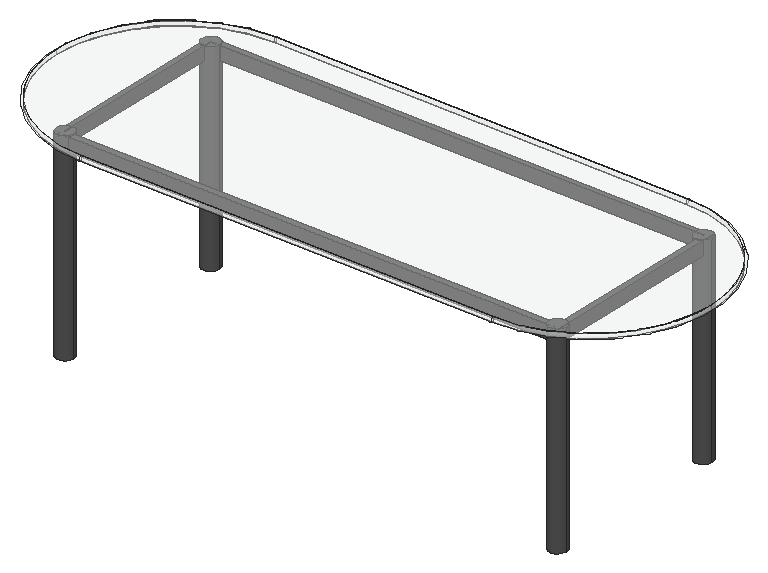
Revit family "M_Mesa-Jantar oval", category Mobiliário, Revit 2019
Family settings
  Número OmniClass = 23.40.20.14.17.11
  Título OmniClass = Dining Room Tables
  ID de item do Seek = Table-Dining Oval-0000-CAN-ENU
  Com base no plano de trabalho = Não
  Sempre na vertical = Sim
  Corte com vazios quando carregada = Não
  Compartilhado = Sim
  Ponto de cálculo do ambiente = Não
Parameters (values of type "0915 x 2440 mm Tampa de vidro")
  Comprimento = 2440.00 mm
  Material base = Aço, Cromo polido
  Material superior = Vidro - Claro, Cinza
  Largura = 915.00 mm
Types (5, lengths in mm): name | Comprimento | Material base | Material superior
  (no name) | 2440.00 | Aço, Cromo polido | Vidro - Claro, Cinza
  0915 x 1830mm | 1830.00 | none | none
  0915 x 2440 mm Tampa de vidro | 2440.00 | Aço, Cromo polido | Vidro - Claro, Cinza
  0915 x 1220mm | 1220.00 | none | none
  0915 x 2440 mm Tampo laminado | 2440.00 | Metal - Bronze, Escovado leve | Laminado - Marfim, Fosco
Reference planes
  plane 1 "Centro (Frente/Trás)": y = -358.098
  plane 2: z = 0
  plane 3 "Centro (Esquerda/Direita)": x = -401.82
  plane 4: y = 89.877
  plane 5: y = -806.073
  plane 6: x = -1612.295
  plane 7: x = 808.655
  plane 8: z = 762
  plane 9: x = 818.18
  plane 10: x = -1621.82
  plane 11: y = -815.598
  plane 12: y = 99.402
Forms (mm)
  Extrusion 1, solid, material "Vidro - Claro, Cinza" <- "Material superior"
    sketch origin (0, 0, 0) x (1, 0, 0) y (0, 1, 0)
      loop
        arc (-1612.295, -358.098) -> (-1481.086, -674.865) -> (-1164.32, -806.073) r 447.975
        line (-1164.32, -806.073) -> (360.68, -806.073)
        arc (360.68, -806.073) -> (677.446, -674.865) -> (808.655, -358.098) r 447.975
        arc (808.655, -358.098) -> (677.446, -41.332) -> (360.68, 89.877) r 447.975
        line (360.68, 89.877) -> (-1164.32, 89.877)
        arc (-1164.32, 89.877) -> (-1481.086, -41.332) -> (-1612.295, -358.098) r 447.975
    from 742.95 to 762
  Extrusion 2, solid, material "Aço, Cromo polido" <- "Material base"
    sketch origin (0, 0, 0) x (1, 0, 0) y (0, 1, 0)
      loop
        line (-1332.595, -2.198) -> (-1332.595, -713.998) -> (528.955, -713.998) -> (528.955, -2.198) -> (-1332.595, -2.198)
      loop
        line (-1313.545, -21.248) -> (-1313.545, -694.948) -> (509.905, -694.948) -> (509.905, -21.248) -> (-1313.545, -21.248)
    from 742.95 to 692.15
  Extrusion 3, solid, material "Aço, Cromo polido" <- "Material base"
    sketch origin (0, 0, 742.95) x (1, 0, 0) y (0, 1, 0)
      loop
        circle (-1313.545, -21.248) r 31.75
      loop
        circle (-1313.545, -694.948) r 31.75
      loop
        circle (509.905, -21.248) r 31.75
      loop
        circle (509.905, -694.948) r 31.75
    from 0 to -742.95
  Sweep 4, solid, material "Vidro - Claro, Cinza"
    path origin (0, 0, 0) x (1, 0, 0) y (0, 1, 0)
      loop
        arc (-1164.32, 89.877) -> (-1612.295, -358.098) -> (-1164.32, -806.073) r 447.975
        line (-1164.32, -806.073) -> (360.68, -806.073)
        arc (360.68, -806.073) -> (808.655, -358.098) -> (360.68, 89.877) r 447.975
        line (360.68, 89.877) -> (-1164.32, 89.877)
    profile origin (0, -358.098, 0) x (1, 0, 0) y (0, 0, 1)
      loop
        arc (-1612.295, 762) -> (-1621.82, 752.475) -> (-1612.295, 742.95) r 9.525
        line (-1612.295, 742.95) -> (-1612.295, 762)
Lines and regions (mm)
  Masking region 1
    outline origin (0, 0, 0) x (1, 0, 0) y (0, 1, 0)
      loop
        arc (-1164.32, 89.877) -> (-1481.086, -41.332) -> (-1612.295, -358.098) r 447.975
        arc (-1612.295, -358.098) -> (-1481.086, -674.865) -> (-1164.32, -806.073) r 447.975
        line (-1164.32, -806.073) -> (360.68, -806.073)
        arc (360.68, -806.073) -> (677.446, -674.865) -> (808.655, -358.098) r 447.975
        arc (808.655, -358.098) -> (677.446, -41.332) -> (360.68, 89.877) r 447.975
        line (360.68, 89.877) -> (-1164.32, 89.877)
Dimensions and locks
  equal spacing: plane 11, plane 1 "Centro (Frente/Trás)", plane 12
  "Largura": plane 11 to plane 12
  equal spacing: plane 10, plane 3 "Centro (Esquerda/Direita)", plane 9
  "Comprimento": plane 10 to plane 9
  locked: plane 4 to plane 12 at 9.525
  plane 11 to plane 5 = 9.525 mm
  locked: plane 7 to plane 9 at 9.525
  locked: plane 10 to plane 6 at 9.525
  plane 8 to plane 2 = 762.00 mm
  locked: Extrusion 2 to Extrusion 2 at 50.8
  locked: Extrusion 2 sketch curve to plane 12 at 101.6
  locked: plane 11 to Extrusion 2 sketch curve at 101.6
  locked: Extrusion 2 to Extrusion 3 sketch curve at 19.05  (x4)
  locked: Extrusion 2 sketch curve to Extrusion 2 sketch curve at 19.05  (x2)
  aligned and locked: Sweep 4 sketch curve to Extrusion 1  (x4)
  aligned and locked: Extrusion 3 sketch curve to Extrusion 2  (x2)
  aligned and locked: Extrusion 2 to Extrusion 3 sketch curve  (x2)
  aligned and locked: Masking region 1 sketch curve to Extrusion 1  (x4)
Automatic sketch dimensions
  Extrusion 1 sketch curve to plane 1 "Centro (Frente/Trás)" = 0.00 mm  (x2)
  Extrusion 1 sketch curve to plane 6 = 0.00 mm
  Extrusion 1 sketch curve to plane 4 = 0.00 mm
  Extrusion 1 sketch curve to plane 5 = 0.00 mm
  Extrusion 1 sketch curve to plane 7 = 0.00 mm
  Extrusion 2 sketch curve to Extrusion 2 sketch curve = 19.05 mm  (x2)
  Sweep 4 sketch curve to profile plane = 0.00 mm
  level to Sweep 4 sketch curve = 742.95 mm
  Sweep 4 sketch curve to Sweep 4 sketch curve = 9.525 mm
  Extrusion 3 sketch curve to Extrusion 3 sketch curve = 31.75 mm  (x4)
  plane 7 to Extrusion 2 sketch curve = 298.75 mm
  Extrusion 2 sketch curve to plane 6 = 298.75 mm
